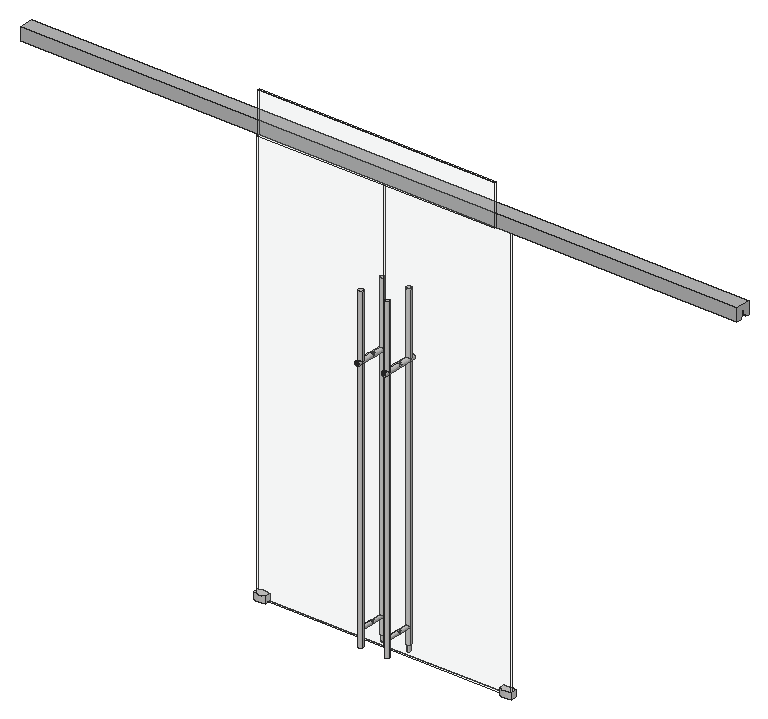
Revit family "Doors_Sliding_Avanti_Systems_Polaris-Auto-Magnetic-Slider_Pair-Glass-Mount-Dbl-Glazed", category Doors, Revit 2026
Family settings
  Classification Number = 23.30.10.00
  Always vertical = Yes
  Cut with Voids When Loaded = No
  Shared = No
  Room Calculation Point = No
Parameters (values of type "Load Family Type Catalog")
  Youtube clip = ""
  Weight Net (Kg) = "0"
  Warranty = "1 year"  # constant formula
  Uniformat II Description = "Interior Doors"
  Uniformat II Code = "C1020"
  Uniclass 2015 Name = "Sliding door and partition sets"
  Uniclass 2015 Code = "Pr_30_59_24_80"
  Uniclass 2.0 Description = "Sliding Door And Partition Sets"
  Uniclass 2.0 Code = "PR-59-23-77"
  Uniclass 1.4 Description = "Doors"
  Uniclass 1.4 Code = "JL20"
  URL = "www.avantisystemsusa.com"
  UNSPSC Code = "30171501"
  Type = 1
  Transome Glass Width [instance] = 44.52984"
  Transome Glass Height [instance] = 7 13/16"
  Transom height [instance] = 8"
  Thickness = if(Type = 1, 1/2", if(Type = 2, 3/8", if(Type = 3, 7/16", if(Type = 4, 9/16", 3/4"))))  # 1/2"
  Technical description = ""
  Stainless Steel Finish = "Yes"  # constant formula
  Sound Rating = 0
  Region South America = "All"
  Region Oceania = "All"
  Region North America = "All"
  Region Middle East = "All"
  Region Europe = "All"
  Region Asia = "All"
  Region Antarctica = "All"
  Region Africa = "All"
  Rail material [instance] = Polyester powder - Avanti - White aluminium METALLIC - RAL9006
  Rail Length [instance] = 3 * (Opening Width)  # 134.71452"
  QR code = "http://bimobject.com/avantisystems/product/avanti-polaris-auto-magnetic-slider"
  Product url = "https://www.avantisystemsusa.com/glass-products/doors/sliding-doors/automatic-doors/"
  Product group = "Automatic Doors"
  Product family = "Sliding Doors"
  Product data url = "https://bimobject.com/avantisystems/product/avanti-polaris-auto-magnetic-slider"
  Product certification = ""
  Product SKU = "avanti-polaris-auto-magnetic-slider"
  Product Guid = "5e847812-9909-4e74-9d64-870bde1c5a5f"
  Power = 110 V  # constant formula
  Opening Width [instance] = 44.90484"
  OmniClass Description = "Sliding All Glass Doors"
  OmniClass Code = "23-17 11 23 13"
  Nominal width = 0"
  Nominal height = 0"
  NBS Reference Description = "Sliding Door And Partition Sets"
  NBS Reference Code = "59-23-77"
  Model = "Polaris™  Auto Magnetic Slider"  # constant formula
  Material secondary = "Aluminium"
  Material main = "Glass"
  Masterformat 2014 Description = "Sliding Aluminum-Framed Glass Doors"
  Masterformat 2014 Code = "08 32 13"
  Manufacturer name = "Avanti Systems"
  Manufacturer country = ""
  Manufacturer = "Avanti Systems USA"  # constant formula
  Lock = "Thumb turn floor lock with a key"
  Ladder Pull Height [instance] = 18"
  LEED compatibility = "LEED 2009 (v3): MRc3, MRc4, MRc5, MRc7, EQc4.2, EQc8.1 and EQc8.2. LEED v4: MRc1, MRc3, MRc4, MRc8, EQc2, EQc7 and EQc8."  # constant formula
  Installation instructions = ""
  IFC Classification = "Door"
  Hardware material [instance] = Stainless Steel - Avanti- Brushed Finish
  Handle type [instance] = Handle : 60" Ladder Pull
  Half_width [instance] = (Opening Width / 2) + 1 1/2"  # 23.95242"
  Glazing = "Safety Glazing SGCC"
  Glass Width [instance] = 47.90484"
  Glass Material = Glass - Avanti -  Clear Tempered
  Glass Marker = yes
  Glass Height [instance] = 80.45245"
  Gap Thickness = if(Type = 1, (1 1/4"), if(Type = 2, (1 39/128"), if(Type = 3, (1 35/128" + 5" / 256), if(Type = 4, (1 27/128"), (1 15/128")))))  # 1 1/4"
  Function = Interior
  Edition number = 1
  EAN code = ""
  Design country = "United States"
  Description = "The newset innovation in modern interior office entryway design."  # constant formula
  Date of publishing = ""
  Clear Anodic Finish = "ASTM B221 (ASTM B221M)"  # constant formula
  COBIe Type Category = ""
  Brand url = "http://www.avantisystemsusa.com/"
  BIMobject main category code = "doors"
  BIMobject main category = "Doors"
  BIMobject category code = "doors-sliding"
  BIMobject category = "Sliding"
  Analytic Construction = "<None>"
Reference planes (in)
  plane 1 "Center (Front/Back)": y = 0
  plane 2: z = 0
  plane 3 "Center (Left/Right)": x = 10.62619
  plane 4: x = -11.82623
  plane 5: x = 33.07861
  plane 6 "Top": z = 87.24607
  plane 7 "Curtain_wall_center": y = 1.4375
  plane 8 "Curtain_wall_exterior": y = 1.6875
  plane 9 "Curtain_wall_interior": y = 1.1875
  plane 10 "Top_panel_height": z = 79.24607
  plane 11 "Doors_exterior": y = 3.4375
  plane 12 "Doors_center": y = 3.1875
  plane 13 "Doors_interior": y = 2.9375
  plane 14 "Door_offset_left": x = -13.32623
  plane 15 "Door_offset_top": z = 80.60436
  plane 16 "Handle_placement_top": z = 18
  plane 17 "Handle_placement_level": x = 8.12619
  plane 18: x = -11.3434
  plane 19: z = 0.15191
  plane 20: x = 34.57861
  plane 21: x = 13.12619
  plane 22: x = 32.59578
  plane 23: x = 6.72127
  plane 24: x = 77.98345
  plane 25: x = -56.73107
  plane 26: x = 32.89111
  plane 27: x = -11.63873
  plane 28: z = 87.05857
  plane 29: x = 22.6024
  plane 30: x = -1.35002
  plane 31: z = 40.30218
Forms (in)
  Extrusion 1, solid, material "Stainless Steel - Avanti- Brushed Finish" <- "Hardware material"
    sketch origin (0, 0, 0) x (1, 0, 0) y (0, 1, 0)
      loop
        arc (-13.58926, 2.67156) -> (-12.46633, 2.46923) -> (-11.3434, 2.67156) r 3.2173
        line (-11.3434, 2.67156) -> (-11.3434, 3.70344)
        arc (-11.3434, 3.70344) -> (-12.46633, 3.86477) -> (-13.58926, 3.70344) r 3.98879
        line (-13.58926, 3.70344) -> (-13.58926, 2.67156)
    from 0 to 1.21575
  Extrusion 2, void
    sketch origin (10.62619, 0, 0) x (0, 1, 0) y (0, 0, 1)
      loop
        line (3.4375, 1.21575) -> (2.9375, 1.21575) -> (2.9375, 0.15191) -> (3.4375, 0.15191) -> (3.4375, 1.21575)
    from -20.26303 to 20.26303
  Extrusion 3, solid, material "Stainless Steel - Avanti- Brushed Finish" <- "Hardware material"
    sketch origin (6.49788, 0, 0) x (-1, 0, 0) y (0, -1, 0)
      loop
        line (-28.34376, -2.67156) -> (-28.34376, -3.70344)
        arc (-28.34376, -3.70344) -> (-27.22083, -3.86477) -> (-26.0979, -3.70344) r 3.98879
        line (-26.0979, -3.70344) -> (-26.0979, -2.67156)
        arc (-26.0979, -2.67156) -> (-27.22083, -2.46923) -> (-28.34376, -2.67156) r 3.2173
    from 0 to 1.21575
  Extrusion 4, solid, material "Glass - Avanti -  Clear Tempered" <- "Glass Material"
    sketch origin (0, 0, 0) x (1, 0, 0) y (0, 0, 1)
      loop
        line (34.57861, 80.60436) -> (10.62619, 80.60436) -> (10.62619, 0.15191) -> (34.57861, 0.15191) -> (34.57861, 80.60436)
    from -3.4375 to -2.9375
  Extrusion 5, solid, material "Glass - Avanti -  Clear Tempered" <- "Glass Material"
    sketch origin (0, 0, 0) x (1, 0, 0) y (0, 0, 1)
      loop
        line (10.62619, 80.60436) -> (-13.32623, 80.60436) -> (-13.32623, 0.15191) -> (10.62619, 0.15191) -> (10.62619, 80.60436)
    from -3.4375 to -2.9375
  Sweep 6, solid, material "Polyester powder - Avanti - White aluminium METALLIC - RAL9006" <- "Rail material"
    path origin (0, 0, 0) x (1, 0, 0) y (0, 0, 1)
      loop
        line (77.98345, 80.60436) -> (-56.73107, 80.60436)
    profile origin (10.62619, 0, 80.60436) x (0, 0, -1) y (0, -1, 0)
      loop
        line (1.35828, -4.44977) -> (1.35828, -3.85922) -> (0.96064, -3.85922) -> (0.96064, -3.4375) -> (0, -3.4375) -> (0, -2.9375) -> (1.00001, -2.9375) -> (1.00001, -2.65601) -> (1.35828, -2.65601) -> (1.35828, -1.6875) -> (-1.00393, -1.6875) -> (-1.00393, -4.44977) -> (1.35828, -4.44977)
  Extrusion 7, solid, material "Glass - Avanti -  Clear Tempered" <- "Glass Material"
    sketch origin (0, 0, 0) x (1, 0, 0) y (0, 1, 0)
      loop
        line (-11.63873, 1.6875) -> (-11.63873, 1.1875) -> (32.89111, 1.1875) -> (32.89111, 1.6875) -> (-11.63873, 1.6875)
    from 79.24607 to 87.05857
Cuts and joins
  Extrusion 2 cuts Extrusion 1
  Extrusion 2 cuts Extrusion 3
Lines and regions (in)
  symbolic lines, style "0"
    curve 1: line (-13.58926, 2.6577, 0) -> (-13.58926, 3.72828, 0)
    curve 2: line (-11.3434, 2.67802, 0) -> (-11.3434, 3.72828, 0)
    curve 3: circle (-13.32623, 3.21094, 0) r 0.22256 normal (0, 0, 1)
    curve 4: circle (-13.32623, 3.21094, 0) r 0.13151 normal (0, 0, 1)
    curve 5: circle (-11.60642, 3.21094, 0) r 0.22256 normal (0, 0, 1)
    curve 6: circle (-11.60642, 3.21094, 0) r 0.13151 normal (0, 0, 1)
    curve 7: arc (-12.00141, 2.83663, 0) -> (-11.86945, 3.21094, 0) -> (-12.00141, 3.58525, 0) r 0.59687
    curve 8: arc (-12.93124, 3.58525, 0) -> (-13.0632, 3.21094, 0) -> (-12.93124, 2.83663, 0) r 0.59687
    curve 9: arc (-11.3434, 3.72828, 0) -> (-12.46633, 3.91727, 0) -> (-13.58926, 3.72828, 0) r 3.43052
    curve 10: line (-11.3434, 3.58525, 0) -> (-13.58926, 3.58525, 0)
    curve 11: line (-11.3434, 2.83663, 0) -> (-13.58926, 2.83663, 0)
    curve 23: arc (-11.3434, 2.67802, 0) -> (-12.46449, 2.46552, 0) -> (-13.58926, 2.6577, 0) r 3.2173
    curve 37: line (-11.3434, 2.9375, 0) -> (32.59578, 2.9375, 0)
    curve 38: line (32.59578, 2.9375, 0) -> (32.59578, 3.4375, 0)
    curve 39: line (-11.3434, 3.4375, 0) -> (32.59578, 3.4375, 0)
    curve 40: line (10.62619, 1.6875, 87.05857) -> (10.62619, 1.1875, 87.05857)
    curve 41: line (10.62619, 1.6875, 79.24607) -> (10.62619, 1.6875, 87.05857)
    curve 42: line (10.62619, 1.1875, 79.24607) -> (10.62619, 1.6875, 79.24607)
    curve 43: line (10.62619, 1.1875, 87.05857) -> (10.62619, 1.1875, 79.24607)
    curve 44: line (10.62619, 3.4375, 80.60436) -> (10.62619, 2.9375, 80.60436)
    curve 45: line (10.62619, 3.4375, 0.15191) -> (10.62619, 3.4375, 80.60436)
    curve 46: line (10.62619, 2.9375, 0.15191) -> (10.62619, 3.4375, 0.15191)
    curve 47: line (10.62619, 2.9375, 80.60436) -> (10.62619, 2.9375, 0.15191)
    curve 48: line (34.84164, 2.63426, 0) -> (34.84164, 3.70484, 0)
    curve 49: line (32.59578, 2.65458, 0) -> (32.59578, 3.70484, 0)
    curve 50: circle (34.57861, 3.1875, 0) r 0.22256 normal (0, 0, -1)
    curve 51: circle (34.57861, 3.1875, 0) r 0.13151 normal (0, 0, -1)
    curve 52: circle (32.85881, 3.1875, 0) r 0.22256 normal (0, 0, -1)
    curve 53: circle (32.85881, 3.1875, 0) r 0.13151 normal (0, 0, -1)
    curve 54: arc (33.25379, 2.81319, 0) -> (33.12184, 3.1875, 0) -> (33.25379, 3.56181, 0) r 0.59687
    curve 55: arc (34.18363, 3.56181, 0) -> (34.31558, 3.1875, 0) -> (34.18363, 2.81319, 0) r 0.59687
    curve 56: arc (32.59578, 3.70484, 0) -> (33.71871, 3.89383, 0) -> (34.84164, 3.70484, 0) r 3.43052
    curve 57: line (32.59578, 3.56181, 0) -> (34.84164, 3.56181, 0)
    curve 58: line (32.59578, 2.81319, 0) -> (34.84164, 2.81319, 0)
    curve 59: arc (32.59578, 2.65458, 0) -> (33.71688, 2.44208, 0) -> (34.84164, 2.63426, 0) r 3.2173
    curve 66: line (10.62619, 3.4375, 0) -> (10.62619, 2.9375, 0)
  symbolic lines, style "0", not visible
    curve 12: line (-11.39483, 5.72823, 0) -> (-11.39483, 4.65764, 0)
    curve 13: line (-13.64069, 5.7079, 0) -> (-13.64069, 4.65764, 0)
    curve 14: circle (-11.65786, 5.17499, 0) r 0.22256 normal (0, 0, 1)
    curve 15: circle (-11.65786, 5.17499, 0) r 0.13151 normal (0, 0, 1)
    curve 16: circle (-13.37767, 5.17499, 0) r 0.22256 normal (0, 0, 1)
    curve 17: circle (-13.37767, 5.17499, 0) r 0.13151 normal (0, 0, 1)
    curve 18: arc (-12.98268, 5.5493, 0) -> (-13.11464, 5.17499, 0) -> (-12.98268, 4.80068, 0) r 0.59687
    curve 19: arc (-12.05285, 4.80068, 0) -> (-11.92089, 5.17499, 0) -> (-12.05285, 5.5493, 0) r 0.59687
    curve 20: arc (-13.64069, 4.65764, 0) -> (-12.51776, 4.46865, 0) -> (-11.39483, 4.65764, 0) r 3.43052
    curve 21: line (-13.64069, 4.80068, 0) -> (-11.39483, 4.80068, 0)
    curve 22: line (-13.64069, 5.5493, 0) -> (-11.39483, 5.5493, 0)
    curve 24: arc (-13.64069, 5.7079, 0) -> (-12.51959, 5.9204, 0) -> (-11.39483, 5.72823, 0) r 3.2173
    curve 93: line (6.72127, 5.29609, 65.8125) -> (6.72127, 6.08546, 65.8125)
    curve 94: line (6.72127, 6.08546, 65.8125) -> (6.72127, 6.08546, 17.8125)
    curve 95: line (6.72127, 6.08546, 17.8125) -> (6.72127, 5.29945, 17.8125)
    curve 96: line (6.72127, 5.29945, 22.4226) -> (6.72127, 5.29945, 17.8125)
    curve 97: line (6.72127, 5.29609, 65.8125) -> (6.72127, 5.29609, 61.1872)
    curve 98: line (6.72127, 5.29609, 61.1872) -> (6.72127, 3.41797, 61.1872)
    curve 99: line (6.72127, 5.29609, 23.04236) -> (6.72127, 5.29609, 60.5619)
    curve 100: line (6.72127, 5.29609, 60.5619) -> (6.72127, 3.41797, 60.5619)
    curve 101: line (6.72127, 5.29609, 23.04236) -> (6.72127, 3.41797, 23.04236)
    curve 102: line (6.72127, 5.29945, 22.4226) -> (6.72127, 3.41797, 22.4226)
    curve 103: line (6.72127, 1.04399, 65.8125) -> (6.72127, 0.25048, 65.8125)
    curve 104: line (6.72127, 0.25048, 65.8125) -> (6.72127, 0.25048, 17.8125)
    curve 105: line (6.72127, 0.25048, 17.8125) -> (6.72127, 1.04063, 17.8125)
    curve 106: line (6.72127, 1.04399, 65.8125) -> (6.72127, 1.04399, 61.1872)
    curve 107: line (6.72127, 1.04399, 61.1872) -> (6.72127, 2.91797, 61.1872)
    curve 108: line (6.72127, 1.04399, 23.04236) -> (6.72127, 1.04399, 60.5619)
    curve 109: line (6.72127, 1.04399, 60.5619) -> (6.72127, 2.91797, 60.5619)
    curve 110: line (6.72127, 1.04399, 23.04236) -> (6.72127, 2.91797, 23.04236)
    curve 111: line (6.72127, 1.04063, 22.4226) -> (6.72127, 2.91797, 22.4226)
    curve 112: line (6.72127, 1.04063, 22.4226) -> (6.72127, 1.04063, 17.8125)
  symbolic lines, style "0", detail levels medium+fine
    curve 25: circle (8.12319, 5.71141, 0) r 0.39445 normal (0, 0, 1)
    curve 26: line (7.81318, 5.46751, 0) -> (7.81318, 3.4375, 0)
    curve 27: line (8.4362, 5.47137, 0) -> (8.4362, 3.4375, 0)
    curve 28: circle (8.12319, 0.66359, 0) r 0.39445 normal (0, 0, -1)
    curve 29: line (7.81318, 0.90749, 0) -> (7.81318, 2.9375, 0)
    curve 30: line (8.4362, 0.90363, 0) -> (8.4362, 2.9375, 0)
    curve 60: circle (8.12619, 5.71141, 0) r 0.39445 normal (0, 0, -1)
    curve 61: line (8.4362, 5.46751, 0) -> (8.4362, 3.4375, 0)
    curve 62: line (7.81318, 5.47137, 0) -> (7.81318, 3.4375, 0)
    curve 63: circle (8.12619, 0.66359, 0) r 0.39445 normal (0, 0, 1)
    curve 64: line (8.4362, 0.90749, 0) -> (8.4362, 2.9375, 0)
    curve 65: line (7.81318, 0.90363, 0) -> (7.81318, 2.9375, 0)
    curve 67: circle (13.12319, 5.71141, 0) r 0.39445 normal (0, 0, 1)
    curve 68: line (12.81318, 5.46751, 0) -> (12.81318, 3.4375, 0)
    curve 69: line (13.4362, 5.47137, 0) -> (13.4362, 3.4375, 0)
    curve 70: circle (13.12319, 0.66359, 0) r 0.39445 normal (0, 0, -1)
    curve 71: line (12.81318, 0.90749, 0) -> (12.81318, 2.9375, 0)
    curve 72: line (13.4362, 0.90363, 0) -> (13.4362, 2.9375, 0)
  symbolic lines, style "0", not visible, detail levels medium+fine
    curve 31: circle (20.74894, 4.89891, 0) r 0.39445 normal (0, 0, 1)
    curve 32: line (20.43894, 4.65501, 0) -> (20.43894, 2.625, 0)
    curve 33: line (21.06195, 4.65887, 0) -> (21.06195, 2.625, 0)
    curve 34: circle (20.74894, -0.14891, 0) r 0.39445 normal (0, 0, -1)
    curve 35: line (20.43894, 0.09499, 0) -> (20.43894, 2.125, 0)
    curve 36: line (21.06195, 0.09113, 0) -> (21.06195, 2.125, 0)
  symbolic lines, visible <- "Glass Marker"
    curve 73: line (19.77398, -0.24998, 37.47375) -> (25.43083, -0.24998, 43.13061)
    curve 74: line (22.6024, -0.24998, 38.45422) -> (24.45036, -0.24998, 40.30218)
    curve 75: line (20.75445, -0.24998, 40.30218) -> (22.6024, -0.24998, 42.15014)
    curve 83: line (-4.17844, -0.24998, 37.47375) -> (1.47841, -0.24998, 43.13061)
    curve 84: line (-1.35002, -0.24998, 38.45422) -> (0.49794, -0.24998, 40.30218)
    curve 85: line (-3.19797, -0.24998, 40.30218) -> (-1.35002, -0.24998, 42.15014)
  symbolic lines, not visible
    curve 76: line (20.75445, 0.25002, 40.30218) -> (24.45036, 0.25002, 40.30218)
    curve 81: line (-1.84534, 0.25002, 22.66367) -> (1.85057, 0.25002, 22.66367)
    curve 86: line (-3.19797, 0.25002, 40.30218) -> (0.49794, 0.25002, 40.30218)
    curve 91: line (-1.84534, 0.25002, 22.66367) -> (1.85057, 0.25002, 22.66367)
    curve 113: line (6.72127, 3.41797, 61.1872) -> (6.72127, 3.41797, 60.5619)
    curve 114: line (6.72127, 5.71046, 65.8125) -> (6.72127, 4.92109, 65.8125)
    curve 115: line (6.72127, 5.71046, 17.8125) -> (6.72127, 5.71046, 65.8125)
    curve 116: line (6.72127, 4.92157, 17.8125) -> (6.72127, 5.71046, 17.8125)
    curve 117: line (6.72127, 4.92109, 65.8125) -> (6.72127, 4.92109, 61.18529)
    curve 118: line (6.72127, 4.92109, 61.18529) -> (6.72127, 3.04297, 61.18529)
    curve 119: line (6.72127, 4.92123, 60.56099) -> (6.72127, 3.04297, 60.56099)
    curve 120: line (6.72127, 4.92123, 60.56099) -> (6.72127, 4.92123, 23.04228)
    curve 121: line (6.72127, 4.92123, 23.04228) -> (6.72127, 3.04297, 23.04228)
    curve 122: line (6.72127, 3.04297, 22.41638) -> (6.72127, 4.92157, 22.41638)
    curve 123: line (6.72127, 4.92157, 22.41638) -> (6.72127, 4.92157, 17.8125)
    curve 124: line (-13.45774, 3.21094, 0) -> (-13.19471, 3.21094, 0)
    curve 125: line (-11.52635, 5.17499, 0) -> (-11.78938, 5.17499, 0)
    curve 126: line (34.71013, 3.1875, 0) -> (34.4471, 3.1875, 0)
    curve 127: line (8.12319, 4.1875, 0) -> (8.12319, 4.77124, 0)
    curve 128: line (8.12619, 4.1875, 0) -> (8.12619, 4.77124, 0)
    curve 129: line (20.75195, 3.375, 0) -> (20.75195, 3.95874, 0)
    curve 130: line (13.12619, 4.1875, 0) -> (13.12619, 4.77124, 0)
    curve 131: line (8.12319, 2.34101, 0) -> (8.12319, 1.84101, 0)
    curve 132: line (8.12619, 2.34101, 0) -> (8.12619, 1.84101, 0)
    curve 133: line (20.75195, 1.52851, 0) -> (20.75195, 1.02851, 0)
    curve 134: line (13.12619, 2.34101, 0) -> (13.12619, 1.84101, 0)
  model lines, not visible
    curve 77: line (22.6024, 0.25002, 38.45422) -> (22.6024, 0.25002, 42.15014)
    curve 82: line (0.00262, 0.25002, 20.81572) -> (0.00262, 0.25002, 24.51163)
    curve 87: line (-1.35002, 0.25002, 38.45422) -> (-1.35002, 0.25002, 42.15014)
    curve 92: line (0.00262, 0.25002, 20.81572) -> (0.00262, 0.25002, 24.51163)
  symbolic lines, visible <- "Glass Marker", not visible
    curve 78: line (-2.82581, -0.24998, 19.83525) -> (2.83104, -0.24998, 25.4921)
    curve 79: line (0.00262, -0.24998, 20.81572) -> (1.85057, -0.24998, 22.66367)
    curve 80: line (-1.84534, -0.24998, 22.66367) -> (0.00262, -0.24998, 24.51163)
    curve 88: line (-2.82581, -0.24998, 19.83525) -> (2.83104, -0.24998, 25.4921)
    curve 89: line (0.00262, -0.24998, 20.81572) -> (1.85057, -0.24998, 22.66367)
    curve 90: line (-1.84534, -0.24998, 22.66367) -> (0.00262, -0.24998, 24.51163)
Text (in)
  text "Exterior" at (-45.72835, 31.38743, 0), in view "Ref. Level"
Dimensions and locks (in)
  equal spacing: plane 4, plane 3 "Center (Left/Right)", plane 5
  equal spacing: plane 8 "Curtain_wall_exterior", plane 7 "Curtain_wall_center", plane 9 "Curtain_wall_interior"
  equal spacing: plane 11 "Doors_exterior", plane 12 "Doors_center", plane 13 "Doors_interior"
  "Gap Thickness": plane 13 "Doors_interior" to plane 8 "Curtain_wall_exterior"
  "Thickness": plane 11 "Doors_exterior" to plane 13 "Doors_interior"
  "Thickness": plane 8 "Curtain_wall_exterior" to plane 9 "Curtain_wall_interior"
  "Ladder Pull Height": plane 2 to plane 16 "Handle_placement_top"
  locked: plane 4 to plane 18 at 0.48283
  locked: plane 17 "Handle_placement_level" to plane 3 "Center (Left/Right)" at 2.5
  locked: plane 21 to plane 3 "Center (Left/Right)" at 2.5
  plane 17 "Handle_placement_level" to plane 3 "Center (Left/Right)" to plane 21 = 2 1/2", 2 1/2"
  locked: plane 5 to plane 20 at 1.5
  locked: plane 14 "Door_offset_left" to plane 4 at 1.5
  "Opening Width": plane 4 to plane 5
  locked: plane 22 to plane 5 at 0.48283
  locked: plane 10 "Top_panel_height" to plane 15 "Door_offset_top" at 1.35828
  equal spacing: plane 25, plane 3 "Center (Left/Right)", plane 24
  "Rail Length": plane 25 to plane 24
  "Transom height": plane 10 "Top_panel_height" to plane 6 "Top"
  locked: plane 27 to plane 4 at 0.1875
  locked: plane 26 to plane 5 at 0.1875
  locked: plane 28 to plane 6 "Top" at 0.1875
  equal spacing: plane 20, plane 29, plane 3 "Center (Left/Right)"
  equal spacing: plane 3 "Center (Left/Right)", plane 30, plane 14 "Door_offset_left"
  equal spacing: plane 2, plane 31, plane 15 "Door_offset_top"
  Extrusion 5 to Extrusion 5 = 1/2"
  locked: nested 4 to curve 76 at 7
  locked: curve 76 to nested 5 at 7
  "Transome Glass Width": plane 27 to plane 26
  "Transome Glass Height": plane 10 "Top_panel_height" to plane 28
  locked: plane 2 to plane 19 at 0.15191
  "Glass Height": plane 19 to plane 15 "Door_offset_top"
  "Glass Width": plane 20 to plane 14 "Door_offset_left"
  plane 8 "Curtain_wall_exterior" to plane 9 "Curtain_wall_interior" = 1/2"
  locked: plane 1 "Center (Front/Back)" to plane 7 "Curtain_wall_center" at 1.4375
  locked: plane 11 "Doors_exterior" to nested 2 at 3
  locked: nested 3 to plane 11 "Doors_exterior" at 3
  aligned and locked: level to plane 2
  aligned and locked: curve 2 to plane 18
  aligned and locked: plane 11 "Doors_exterior" to curve 27
  aligned and locked: plane 11 "Doors_exterior" to curve 26
  aligned and locked: plane 13 "Doors_interior" to curve 30
  aligned and locked: plane 13 "Doors_interior" to curve 29
  aligned and locked: plane 11 "Doors_exterior" to Extrusion 2 sketch curve
  aligned and locked: Extrusion 2 sketch curve to plane 13 "Doors_interior"
  aligned and locked: Extrusion 1 to Extrusion 2 sketch curve
  aligned and locked: curve 46 to cut or joined group of Extrusion 1, Extrusion 2
  aligned and locked: curve 47 to cut or joined group of Extrusion 1, Extrusion 2
  aligned and locked: cut or joined group of Extrusion 1, Extrusion 2 to plane 2
  aligned and locked: Extrusion 3 to plane 22
  aligned and locked: Extrusion 4 sketch curve to plane 20
  aligned and locked: Extrusion 4 sketch curve to plane 15 "Door_offset_top"
  aligned and locked: Extrusion 4 sketch curve to plane 3 "Center (Left/Right)"
  aligned and locked: Extrusion 5 sketch curve to plane 15 "Door_offset_top"
  aligned and locked: Extrusion 5 sketch curve to plane 14 "Door_offset_left"
  aligned and locked: plane 22 to curve 49
  aligned and locked: plane 22 to curve 38
  aligned and locked: plane 11 "Doors_exterior" to curve 62
  aligned and locked: plane 13 "Doors_interior" to curve 65
  aligned and locked: plane 10 "Top_panel_height" to nested 1
  aligned and locked: Sweep 6 sketch curve to plane 15 "Door_offset_top"
  aligned and locked: plane 24 to Sweep 6 sketch curve
  aligned and locked: plane 25 to Sweep 6 sketch curve
  aligned and locked: curve 62 to curve 26
  aligned and locked: curve 65 to curve 29
  aligned and locked: Extrusion 7 sketch curve to plane 8 "Curtain_wall_exterior"
  aligned and locked: plane 9 "Curtain_wall_interior" to Extrusion 7 sketch curve
  aligned and locked: plane 11 "Doors_exterior" to curve 68
  aligned and locked: plane 13 "Doors_interior" to curve 71
  aligned and locked: Extrusion 5 to cut or joined group of Extrusion 1, Extrusion 2
  aligned and locked: Extrusion 4 to Extrusion 5
  aligned and locked: Extrusion 7 to plane 27
  aligned and locked: Extrusion 7 to plane 26
  aligned and locked: Extrusion 7 to plane 28
  aligned and locked: Extrusion 7 to plane 10 "Top_panel_height"
  aligned and locked: plane 31 to curve 76
  aligned and locked: curve 77 to plane 29
  aligned and locked: plane 31 to curve 86
  aligned and locked: curve 87 to plane 30
  aligned and locked: Sweep 6 to plane 8 "Curtain_wall_exterior"
  aligned and locked: Sweep 6 sketch curve to plane 11 "Doors_exterior"
  aligned and locked: Sweep 6 sketch curve to plane 13 "Doors_interior"
  aligned and locked: Extrusion 5 to plane 13 "Doors_interior"
  aligned and locked: plane 11 "Doors_exterior" to Extrusion 5
  aligned and locked: plane 11 "Doors_exterior" to Extrusion 4
  aligned and locked: Sweep 6 sketch curve to nested 1  (x2)
  aligned and locked: plane 12 "Doors_center" to nested 1
  aligned and locked: nested 4 to plane 29
  aligned and locked: nested 5 to plane 30
  aligned and locked: plane 19 to Extrusion 5
  aligned and locked: Extrusion 4 to plane 13 "Doors_interior"
  aligned and locked: plane 28 to curve 43
  aligned and locked: plane 3 "Center (Left/Right)" to Extrusion 5
  aligned and locked: plane 12 "Doors_center" to curve 126
  aligned and locked: plane 21 to nested 6
  aligned and locked: nested 7 to plane 17 "Handle_placement_level"
  aligned and locked: plane 2 to nested 6
  aligned and locked: plane 2 to nested 7
  aligned and locked: nested 7 to plane 11 "Doors_exterior"
  aligned and locked: nested 6 to plane 11 "Doors_exterior"
  aligned and locked: curve 128 to plane 17 "Handle_placement_level"
  aligned and locked: plane 17 "Handle_placement_level" to curve 132
  aligned and locked: plane 21 to curve 130
  aligned and locked: curve 134 to plane 21
  aligned and locked: curve 39 to plane 11 "Doors_exterior"
  aligned and locked: plane 30 to nested 2
  aligned and locked: plane 29 to nested 3
Automatic sketch dimensions
  Extrusion 1 sketch curve to plane 18 = 0"
  plane 4 to Extrusion 1 sketch curve = 0.6401"  (x2)
  plane 1 "Center (Front/Back)" to Extrusion 1 sketch curve = 0.12403"
  plane 14 "Door_offset_left" to Extrusion 1 sketch curve = 0.26303"
  Extrusion 1 sketch curve to plane 13 "Doors_interior" = 0.26594"
  plane 11 "Doors_exterior" to Extrusion 1 sketch curve = 0.26594"
  plane 11 "Doors_exterior" to Extrusion 1 sketch curve = 2.24903"
  level to Extrusion 2 sketch curve = 0.15191"
  Extrusion 3 sketch curve to plane 22 = 0"
  plane 5 to Extrusion 3 sketch curve = 0.6401"  (x2)
  Extrusion 3 sketch curve to plane 1 "Center (Front/Back)" = 0.12403"
  Extrusion 3 sketch curve to plane 20 = 0.26303"
  plane 13 "Doors_interior" to Extrusion 3 sketch curve = 0.26594"
  Extrusion 3 sketch curve to plane 11 "Doors_exterior" = 0.26594"
  Extrusion 3 sketch curve to plane 11 "Doors_exterior" = 2.24903"
  Extrusion 5 sketch curve to plane 3 "Center (Left/Right)" = 0"
  profile plane to Sweep 6 sketch curve = 1 1/256"
  Sweep 6 sketch curve to plane 1 "Center (Front/Back)" = 1 11/16"
  Sweep 6 sketch curve to profile plane = 1.35828"
  Sweep 6 sketch curve to Sweep 6 sketch curve = 0.39764"
  Sweep 6 sketch curve to Sweep 6 sketch curve = 0.03937"
  Sweep 6 sketch curve to Sweep 6 sketch curve = 0.35827"
  Sweep 6 sketch curve to Sweep 6 sketch curve = 0.28149"
  Sweep 6 sketch curve to profile plane = 0"
  curve 37 to plane 13 "Doors_interior" = 0"
  curve 37 to plane 18 = 0"
  curve 39 to plane 18 = 0"
  curve 66 to plane 3 "Center (Left/Right)" = 0"
  level to Extrusion 4 sketch curve = 0.15191"
  level to Extrusion 5 sketch curve = 0.15191"
  plane 5 to Extrusion 7 sketch curve = 3/16"
  Extrusion 7 sketch curve to plane 4 = 3/16"
  curve 97 to curve 99 = 0"
  curve 99 to curve 96 = 0.00336"
  curve 93 to curve 94 = 0.78937"
  curve 95 to curve 96 = 4.6101"
  curve 96 to curve 101 = 0.61976"
  curve 99 to curve 100 = 37 133/256"
  curve 99 to curve 98 = 0.6253"
  curve 97 to curve 94 = 4.6253"
  curve 113 to curve 99 = 1.87812"
  curve 101 to curve 99 = 1.87812"
  curve 102 to curve 101 = 0"
  curve 40 to plane 8 "Curtain_wall_exterior" = 0"
  curve 47 to plane 13 "Doors_interior" = 0"
  curve 46 to plane 11 "Doors_exterior" = 0"
  curve 43 to plane 9 "Curtain_wall_interior" = 0"
  curve 43 to plane 10 "Top_panel_height" = 0"
  curve 47 to plane 15 "Door_offset_top" = 0"
  curve 3 to curve 4 = 0"  (x4)
  curve 5 to curve 6 = 0"  (x4)
  curve 7 to curve 8 = 0"  (x4)
  curve 10 to curve 6 = 0.26303"
  curve 5 to curve 8 = 0.8599"
  curve 2 to curve 23 = 1.15021"
  curve 2 to curve 9 = 1.12293"
  curve 7 to curve 4 = 0.8599"
  curve 3 to curve 1 = 0.26303"
  curve 23 to curve 2 = 1.9544"
  curve 9 to curve 6 = 0.51734"
  curve 8 to curve 5 = 0"
  curve 1 to curve 4 = 0.51734"
  curve 5 to curve 2 = 0.53292"
  curve 23 to curve 9 = 2.17095"
  curve 5 to curve 7 = 0.39498"  (x2)
  curve 8 to curve 3 = 0.39498"
  curve 3 to curve 124 = 0.13151"
  curve 9 to curve 10 = 0.14303"
  curve 124 to curve 3 = 0"
  curve 14 to curve 15 = 0"  (x4)
  curve 16 to curve 17 = 0"  (x4)
  curve 18 to curve 19 = 0"  (x4)
  curve 21 to curve 17 = 0.26303"
  curve 16 to curve 19 = 0.8599"
  curve 13 to curve 24 = 1.15021"
  curve 13 to curve 20 = 1.12293"
  curve 18 to curve 15 = 0.8599"
  curve 14 to curve 12 = 0.26303"
  curve 24 to curve 13 = 1.9544"
  curve 20 to curve 17 = 0.51734"
  curve 19 to curve 16 = 0"
  curve 12 to curve 15 = 0.51734"
  curve 16 to curve 13 = 0.53292"
  curve 24 to curve 20 = 2.17095"
  curve 16 to curve 18 = 0.39498"  (x2)
  curve 19 to curve 14 = 0.39498"
  curve 14 to curve 125 = 0.13151"
  curve 20 to curve 21 = 0.14303"
  curve 125 to curve 14 = 0"
  curve 50 to curve 51 = 0"  (x4)
  curve 52 to curve 53 = 0"  (x4)
  curve 54 to curve 55 = 0"  (x4)
  curve 57 to curve 53 = 0.26303"
  curve 52 to curve 55 = 0.8599"
  curve 49 to curve 59 = 1.15021"
  curve 49 to curve 56 = 1.12293"
  curve 54 to curve 51 = 0.8599"
  curve 50 to curve 48 = 0.26303"
  curve 49 to curve 59 = 1.9544"
  curve 53 to curve 56 = 0.51734"
  curve 55 to curve 52 = 0"
  curve 51 to curve 48 = 0.51734"
  curve 49 to curve 52 = 0.53292"
  curve 56 to curve 59 = 2.17095"
  curve 52 to curve 54 = 0.39498"  (x2)
  curve 55 to curve 50 = 0.39498"
  curve 50 to curve 126 = 0.13151"
  curve 57 to curve 56 = 0.14303"
  curve 126 to curve 50 = 0"
  curve 61 to curve 60 = 0.31001"
  curve 61 to curve 127 = 0.31301"
  curve 61 to curve 62 = 0.62301"
  curve 60 to curve 62 = 0.24003"
  curve 61 to curve 127 = 0.69626"
  curve 127 to curve 127 = 0.58374"
  curve 127 to curve 62 = 3/4"
  curve 62 to curve 61 = 0"
  curve 26 to curve 25 = 0.31001"
  curve 26 to curve 128 = 0.31301"
  curve 26 to curve 27 = 0.62301"
  curve 27 to curve 25 = 0.24003"
  curve 128 to curve 26 = 0.69626"
  curve 128 to curve 128 = 0.58374"
  curve 27 to curve 128 = 3/4"
  curve 27 to curve 26 = 0"
  curve 32 to curve 31 = 0.31001"
  curve 32 to curve 129 = 0.31301"
  curve 32 to curve 33 = 0.62301"
  curve 33 to curve 31 = 0.24003"
  curve 129 to curve 32 = 0.69626"
  curve 129 to curve 129 = 0.58374"
  curve 33 to curve 129 = 3/4"
  curve 33 to curve 32 = 0"
  curve 68 to curve 67 = 0.31001"
  curve 68 to curve 130 = 0.31301"
  curve 68 to curve 69 = 0.62301"
  curve 69 to curve 67 = 0.24003"
  curve 130 to curve 68 = 0.69626"
  curve 130 to curve 130 = 0.58374"
  curve 69 to curve 130 = 3/4"
  curve 69 to curve 68 = 0"
  curve 64 to curve 63 = 0.31001"
  curve 64 to curve 131 = 0.31301"
  curve 64 to curve 65 = 0.62301"
  curve 65 to curve 63 = 0.24003"
  curve 131 to curve 64 = 0.93352"
  curve 131 to curve 131 = 1/2"
  curve 64 to curve 131 = 0.59649"
  curve 65 to curve 64 = 0"
  curve 29 to curve 28 = 0.31001"
  curve 29 to curve 132 = 0.31301"
  curve 29 to curve 30 = 0.62301"
  curve 28 to curve 30 = 0.24003"
  curve 29 to curve 132 = 0.93352"
  curve 132 to curve 132 = 1/2"
  curve 132 to curve 29 = 0.59649"
  curve 30 to curve 29 = 0"
  curve 35 to curve 34 = 0.31001"
  curve 35 to curve 133 = 0.31301"
  curve 35 to curve 36 = 0.62301"
  curve 34 to curve 36 = 0.24003"
  curve 35 to curve 133 = 0.93352"
  curve 133 to curve 133 = 1/2"
  curve 133 to curve 35 = 0.59649"
  curve 36 to curve 35 = 0"
  curve 71 to curve 70 = 0.31001"
  curve 71 to curve 134 = 0.31301"
  curve 71 to curve 72 = 0.62301"
  curve 70 to curve 72 = 0.24003"
  curve 71 to curve 134 = 0.93352"
  curve 134 to curve 134 = 1/2"
  curve 134 to curve 71 = 0.59649"
  curve 72 to curve 71 = 0"
  radius of curve 3 = 0.22256"
  radius of curve 5 = 0.22256"
  radius of curve 6 = 0.13151"
  radius of curve 14 = 0.22256"
  radius of curve 16 = 0.22256"
  radius of curve 17 = 0.13151"
  radius of curve 50 = 0.22256"
  radius of curve 52 = 0.22256"
  radius of curve 53 = 0.13151"
Nested families (in)
  nested 1: "Rail Detail" at (10.62619, 3.11364, 80.42718) x (0, 1, 0) z (1, 0, 0), type "Family9"
  nested 2: "Arrow" at (-1.35002, 6.4375, 0), type "arrow"
  nested 3: "Arrow" at (22.6024, 6.4375, 0) x (-1, 0, 0) z (0, 0, 1), type "arrow"
  nested 4: "Arrow" at (22.6024, 0, 47.30218) x (-1, 0, 0) z (0, -1, 0), type "arrow"
  nested 5: "Arrow" at (-1.35002, 0, 47.30218) x (1, 0, 0) z (0, -1, 0), type "arrow"
  nested 6: "Handle" at (11.50119, 1.5625, 38) x (1, 0, 0) z (0, -1, 0), type <- "Handle type", type "60" Ladder Pull", detail levels medium+fine
    with Locker yes
  nested 7: "Handle" at (6.50119, 1.5625, 38) x (1, 0, 0) z (0, -1, 0), type <- "Handle type", type "60" Ladder Pull", detail levels medium+fine
    with Locker yes
Definition of nested family "Handle"
  Parameters (values of type "48" Ladder Pull")
    Width = 54.28299"
    Type = 3
    Ladder Pool Height = 18"
    Ladder 60" = if(Type = 5, 1 = 1, 1 = 0)  # no
    Ladder = if(Type = 3, 1 = 1, 1 = 0)  # yes
    Thickness = 1/2"
    Panic hardware = if(Type = 4, 1 = 1, 1 = 0)  # no
    Material = none
    Locker [instance] = yes
    Height = 90 9/16"
    Glass door = if(Type = 2, 1 = 1, 1 = 0)  # no
    Framed door = if(Type = 1, 1 = 1, 1 = 0)  # no
    Default Elevation = 48"
  Types (2): name | Type | Ladder 60" | Ladder
    60" Ladder Pull | 5 | yes | no
    48" Ladder Pull | 3 | no | yes
  Reference planes (in)
    plane 1 "Center (Front/Back)": y = 0
    plane 2: z = 0
    plane 3 "Center (Left/Right)": x = 0
    plane 4 "door_up": z = -1.375
    plane 5 "door_down": z = -1.875
    plane 6: z = -3.25
    plane 7: x = -1.25
    plane 8: x = -43.31449
    plane 9: x = -46.03299
    plane 10: x = -43.31449
    plane 11: y = 51.9375
    plane 12: y = 0.625
    plane 13: y = 11.125
    plane 14: y = 52.5625
    plane 15: y = -38
    plane 16: x = -50.15799
    plane 17 "door": x = 4.125
    plane 18: x = 1.625
    plane 19: y = -20
  Forms (in)
    Sweep 1, solid, material <- "Material", visible <- "Panic hardware"
      path origin (0, 0, 0) x (1, 0, 0) y (0, 1, 0)
        loop
          line (-1.25, 51.9375) -> (-1.25, 4.25)
          arc (-1.25, 4.25) -> (-2.12868, 2.12868) -> (-4.25, 1.25) r 3
          line (-4.25, 1.25) -> (-43.31449, 1.25)
      profile origin (-1.25, 28.09375, 0) x (1, 0, 0) y (0, 0, 1)
        loop
          circle (0.625, 0.625) r 0.625
    Sweep 2, solid, material <- "Material", visible <- "Panic hardware"
      path origin (0, 0, 0) x (1, 0, 0) y (0, 0, 1)
        loop
          line (-43.31449, 0) -> (-44.06449, 0)
          arc (-44.06449, 0) -> (-44.57255, -0.21044) -> (-44.78299, -0.7185) r 0.7185
          line (-44.78299, -0.7185) -> (-44.78299, -1.375)
      profile origin (-43.68949, 0, 0) x (0, 0, -1) y (0, -1, 0)
        loop
          circle (-0.625, -0.625) r 0.625
    Sweep 3, solid, material <- "Material", visible <- "Panic hardware"
      path origin (0, 0, -6.75) x (1, 0, 0) y (0, 0, -1)
        loop
          line (-43.31449, -3.5) -> (-44.06449, -3.5)
          arc (-44.06449, -3.5) -> (-44.57255, -3.71044) -> (-44.78299, -4.2185) r 0.7185
          line (-44.78299, -4.2185) -> (-44.78299, -4.875)
      profile origin (-43.68949, 0, -3.25) x (0, 0, -1) y (0, -1, 0)
        loop
          circle (0.625, -0.625) r 0.625
    Sweep 4, solid, material <- "Material", visible <- "Panic hardware"
      path origin (-30, 0, -6.75) x (-1, 0, 0) y (0, 0, -1)
        loop
          line (13.31449, -3.5) -> (-28.0315, -3.5)
          arc (-28.0315, -3.5) -> (-28.53956, -3.71044) -> (-28.75, -4.2185) r 0.7185
          line (-28.75, -4.2185) -> (-28.75, -4.875)
      profile origin (-22.6415, 0, -3.25) x (0, 0, 1) y (0, -1, 0)
        loop
          circle (-0.625, -0.625) r 0.625
  Cuts and joins
    joined: Sweep 1, Sweep 2
    joined: Sweep 3, Sweep 4
  Dimensions and locks (in)
    "Thickness": plane 5 "door_down" to plane 4 "door_up"
    locked: plane 3 "Center (Left/Right)" to plane 7 at 1.25
    locked: plane 9 to plane 8 at 2.7185
    locked: plane 9 to Sweep 3 sketch curve at 1.25
    locked: Sweep 2 sketch curve to plane 9 at 1.25
    locked: plane 10 to plane 9 at 2.7185
    locked: Sweep 1 sketch curve to plane 1 "Center (Front/Back)" at 1.25
    locked: plane 3 "Center (Left/Right)" to nested 1 at 0.125
    locked: plane 4 "door_up" to plane 2 at 1.375
    locked: plane 6 to plane 5 "door_down" at 1.375
    locked: plane 12 to plane 1 "Center (Front/Back)" at 0.625
    locked: plane 13 to plane 12 at 10.5
    locked: plane 14 to plane 11 at 0.625
    "Height": plane 14 to plane 15
    locked: plane 1 "Center (Front/Back)" to plane 15 at 38
    locked: plane 3 "Center (Left/Right)" to plane 17 "door" at 4.125
    "Width": plane 16 to plane 17 "door"
    locked: plane 16 to plane 10 at 6.8435
    locked: plane 18 to plane 17 "door" at 2.5
    "Ladder Pool Height": plane 19 to plane 15
    aligned and locked: level to plane 2
    aligned and locked: plane 4 "door_up" to cut or joined group of Sweep 1, Sweep 2
    aligned and locked: Sweep 2 sketch curve to plane 4 "door_up"
    aligned and locked: Sweep 3 sketch curve to plane 5 "door_down"
    aligned and locked: plane 6 to Sweep 3 sketch curve
    aligned and locked: plane 7 to Sweep 4 sketch curve
    aligned and locked: Sweep 4 sketch curve to plane 6
    aligned and locked: plane 8 to Sweep 4 sketch curve
    aligned and locked: plane 8 to Sweep 3 sketch curve
    aligned and locked: plane 10 to Sweep 2 sketch curve
    aligned and locked: plane 10 to Sweep 1 sketch curve
    aligned and locked: plane 11 to Sweep 1 sketch curve
    aligned and locked: plane 5 "door_down" to Sweep 4 sketch curve
    aligned and locked: nested 1 to plane 4 "door_up"
    aligned and locked: plane 13 to nested 1
    aligned and locked: nested 2 to plane 4 "door_up"
    aligned and locked: plane 3 "Center (Left/Right)" to nested 2
    aligned and locked: nested 2 to plane 11
    aligned and locked: nested 2 to plane 14
    aligned and locked: plane 18 to nested 3
    aligned and locked: plane 1 "Center (Front/Back)" to nested 3
    aligned and locked: nested 4 to plane 18
    aligned and locked: nested 4 to plane 1 "Center (Front/Back)"
    aligned and locked: nested 5 to plane 4 "door_up"
    aligned and locked: nested 5 to plane 17 "door"
    aligned and locked: nested 5 to plane 1 "Center (Front/Back)"
    aligned and locked: nested 6 to plane 4 "door_up"
    aligned and locked: plane 5 "door_down" to nested 7
    aligned and locked: nested 7 to plane 19
    aligned and locked: plane 19 to nested 6
    aligned and locked: nested 6 to plane 18
    aligned and locked: nested 7 to plane 18
    aligned and locked: plane 4 "door_up" to nested 8
    aligned and locked: plane 15 to nested 8
    aligned and locked: plane 5 "door_down" to nested 9
    aligned and locked: nested 9 to plane 15
    aligned and locked: plane 18 to nested 8
    aligned and locked: plane 18 to nested 9
  Nested families (in)
    nested 1: "Family2" at (-1.125, 11.125, 0.22234), visible <- "Panic hardware", type "Family2"
      with Lock yes
    nested 2: "Family3" at (-0.26102, 51.9375, -1.63602), visible <- "Panic hardware", type "Family3"
      with Thickness 1/2"
    nested 3: "Handle Timber" at (1.625, 0, -1.875), Locker <- "Locker", visible <- "Framed door", type "Handle Timber"
      with Locker yes
    nested 4: "Handle Timber" at (1.625, 0, -1.375) x (1, 0, 0) z (0, 0, -1), Locker <- "Locker", visible <- "Framed door", type "Handle Timber"
      with Locker yes
    nested 5: "Hinged Framed Swing locker" at (3.22214, -1.5625, -5.625), Handle and assembly material <- "Material", visible <- "Glass door", type "Hinged Framed Swing locker"
      with Handle and assembly material none
    nested 6: "Handle_For-Glass_Rounded_600mm" at (1.625, 13.36577, -1.375) x (-1, 0, 0) z (0, 0, -1), Handle Material <- "Material", visible <- "Ladder", type "Handle_For-Glass_Rounded_600mm"
      with Handle Material none, Handle Height 48"
    nested 7: "Handle_For-Glass_Rounded_600mm" at (1.625, -5.36577, -1.875) x (-1, 0, 0) z (0, 0, 1), Handle Material <- "Material", visible <- "Ladder", type "Handle_For-Glass_Rounded_600mm"
      with Handle Material none, Handle Height 48"
    nested 8: "Handle_For-Glass_Rounded_60in" at (1.625, 2.47039, -1.375), visible <- "Ladder 60"", Handle Material <- "Material", type "60""
      with No locker yes, Locker no, Handle Material none, Handle Height 60"
    nested 9: "Handle_For-Glass_Rounded_60in2" at (1.625, 2.47039, -1.875), visible <- "Ladder 60"", Handle Material <- "Material", type "60""
      with No locker no, Locker yes, Handle Material none, Handle Height 60"
  Definition of nested family "Family2"
    Parameters (values of type "Family2")
      Thickness = 1/2"
      Material = none
      Lock = no
      Default Elevation = 0"
    Reference planes (in)
      plane 1 "Center (Front/Back)": y = 0
      plane 2: z = 0
      plane 3 "Center (Left/Right)": x = 0
      plane 4: z = -2.09734
      plane 5: z = -1.59734
    Forms (in)
      Extrusion 1, solid, material <- "Material"
        sketch origin (0, 0, 0) x (0, 1, 0) y (0, 0, 1)
          loop
            line (5.04078, -0.345) -> (5.04078, 0) -> (-2.39922, 0) -> (-2.39922, -0.345) -> (5.04078, -0.345)
        from 0 to 1
      Extrusion 2, solid, material <- "Material"
        sketch origin (0, 0, 0) x (0, 1, 0) y (0, 0, 1)
          loop
            line (-0.3074, -0.345) -> (-1.4374, -0.345) -> (-1.4374, -1.31734) -> (-0.3074, -1.31734) -> (-0.3074, -0.345)
        from 0.32565 to 0.66353
      Extrusion 3, solid, material <- "Material"
        sketch origin (0, 0, 0) x (0, 1, 0) y (0, 0, 1)
          loop
            line (-1.4374, -1.31734) -> (-1.4374, -1.59734) -> (1.43807, -1.59734) -> (1.43807, -1.31734) -> (-1.4374, -1.31734)
          loop
            line (1.45803, -2.09734) -> (-1.41697, -2.09734) -> (-1.41697, -3.82961)
            arc (-1.41697, -3.82961) -> (-1.36191, -3.96254) -> (-1.22897, -4.01761) r 0.188
            line (-1.22897, -4.01761) -> (1.27003, -4.01761)
            arc (1.27003, -4.01761) -> (1.40297, -3.96254) -> (1.45803, -3.82961) r 0.188
            line (1.45803, -3.82961) -> (1.45803, -2.09734)
        from 0 to 1
      Extrusion 4, solid, material <- "Material"
        sketch origin (0, 0, 0) x (0, 1, 0) y (0, 0, 1)
          loop
            arc (-3.2641, -0.65221) -> (-3.242, -0.64306) -> (-3.23285, -0.62096) r 0.03125
            line (-3.23285, -0.62096) -> (-3.23285, 0) -> (-3.4516, 0) -> (-3.4516, -0.62096)
            arc (-3.4516, -0.62096) -> (-3.44244, -0.64306) -> (-3.42035, -0.65221) r 0.03125
            line (-3.42035, -0.65221) -> (-3.2641, -0.65221)
        from 0.32565 to 0.66353
      Extrusion 5, solid, material <- "Material", visible <- "Lock"
        sketch origin (1, 0, 0) x (0, 1, 0) y (0, 0, 1)
          loop
            circle (0.20853, -3.12734) r 0.58
          loop
            circle (0.20853, -3.12734) r 0.5625
          loop
            circle (-0.07272, -3.12734) r 0.22671
        from 0 to 0.25
      Extrusion 6, solid, material <- "Material", visible <- "Lock"
        sketch origin (1, 0, 0) x (0, 1, 0) y (0, 0, 1)
          loop
            circle (0.20853, -3.12734) r 0.5625
        from 0 to 0.20472
      Extrusion 7, solid, material <- "Material", visible <- "Lock", not visible
        sketch origin (1, 0, 0) x (0, 1, 0) y (0, 0, 1)
          loop
            circle (0.20853, -3.12734) r 0.58
          loop
            circle (0.20853, -3.12734) r 0.5625
          loop
            circle (-0.07272, -3.12734) r 0.22671
        from 0 to 0.25
      Extrusion 8, solid, material <- "Material", visible <- "Lock", not visible
        sketch origin (1, 0, 0) x (0, 1, 0) y (0, 0, 1)
          loop
            circle (0.20853, -3.12734) r 0.5625
        from 0 to 0.20472
    Lines and regions (in)
      model lines, not visible
        curve 1: line (0, -0.35397, -3.12734) -> (0, 0.39603, -3.12734)
        curve 2: line (0, -0.35397, -3.12734) -> (0, 0.39603, -3.12734)
    Dimensions and locks (in)
      "Thickness": plane 4 to plane 5
      locked: plane 5 to plane 2 at 1.59734
      aligned and locked: level to plane 2
      aligned and locked: plane 5 to Extrusion 3 sketch curve
      aligned and locked: Extrusion 3 sketch curve to Extrusion 2
      aligned and locked: Extrusion 3 sketch curve to plane 4
  Definition of nested family "Family3"
    Parameters (values of type "Family3")
      Thickness = 0.50125"
      Material = none
      Default Elevation = 0"
    Reference planes (in)
      plane 1 "Center (Front/Back)": y = 0
      plane 2: z = 0
      plane 3 "Center (Left/Right)": x = 0
      plane 4: z = 0.26102
      plane 5: z = -0.24023
    Forms (in)
      Extrusion 1, solid, material <- "Material"
        sketch origin (-0.98898, 0.625, 0.26102) x (0, 0, -1) y (0, 1, 0)
          loop
            line (-0.28125, 0.125) -> (-0.28125, -2.375) -> (0, -2.375) -> (0, 0) -> (0.50125, 0) -> (0.50125, -2.37518) -> (0.78125, -2.37518) -> (0.78125, 0.125) -> (-0.28125, 0.125)
        from 0 to 1.25
      Revolve 2, solid, material <- "Material"
        sketch origin (-0.36398, 0.615, 0.26102) x (0, 0, -1) y (0, 1, 0)
          loop
            line (-0.28125, -0.615) -> (-1.5092, -0.615) -> (-1.5092, -0.995) -> (-0.28125, -0.995) -> (-0.28125, -0.615)
          axis (-1.5092, -0.995) -> (-0.28125, -0.995)
        angle from 0 to 360
    Dimensions and locks (in)
      "Thickness": plane 4 to plane 5
      locked: Extrusion 1 to plane 4 at 0.28125
      locked: plane 5 to Extrusion 1 at 0.28
      aligned and locked: level to plane 2
      aligned and locked: Extrusion 1 to plane 4
      aligned and locked: plane 5 to Extrusion 1
  Definition of nested family "Handle Timber"
    Parameters (values of type "Handle Timber")
      Locker [instance] = yes
      Handle material = none
      Default Elevation = 48"
    Reference planes (in)
      plane 1 "Center (Front/Back)": y = 0
      plane 2: z = 0
      plane 3 "Center (Left/Right)": x = 0
    Forms (in)
      Extrusion 1, solid, material <- "Handle material"
        sketch origin (0, 0.00944, 0.00975) x (-1, 0, 0) y (0, -1, 0.00026)
          loop
            line (0.82036, -6.01526) -> (0.82036, -4.11121)
            arc (0.82036, -4.11121) -> (0, -3.29085) -> (-0.82036, -4.11121) r 0.82036
            line (-0.82036, -4.11121) -> (-0.82036, -6.01526)
            arc (-0.82036, -6.01526) -> (0, -6.83563) -> (0.82036, -6.01526) r 0.82036
          loop
            line (0.82036, -0.95129) -> (0.82036, 0.95276)
            arc (0.82036, 0.95276) -> (0, 1.77313) -> (-0.82036, 0.95276) r 0.82036
            line (-0.82036, 0.95276) -> (-0.82036, -0.95129)
            arc (-0.82036, -0.95129) -> (0, -1.77165) -> (0.82036, -0.95129) r 0.82036
        from -0.36 to -0.00798
      Sweep 2, solid, material <- "Handle material"
        path origin (0, 0.00944, 0.00975) x (-1, 0, 0) y (0, 0.00026, 1)
          loop
            line (0.00372, -0.36) -> (0.00372, -2.13165)
            arc (0.00372, -2.13165) -> (0.19244, -2.58727) -> (0.64805, -2.77599) r 0.64433
            line (0.64805, -2.77599) -> (4.19136, -2.77599)
            arc (4.19136, -2.77599) -> (4.78191, -2.53137) -> (5.02652, -1.94082) r 0.83517
            line (5.02652, -1.94082) -> (5.02652, -0.63757)
        profile origin (-0.00372, 0.00911, -1.23607) x (-1, 0, 0) y (0, 1, -0.00026)
          loop
            circle (0, 0) r 0.3937
      Extrusion 3, solid, material <- "Handle material", visible <- "Locker"
        sketch origin (0, 0.00944, 0.00975) x (-1, 0, 0) y (0, -1, 0.00026)
          loop
            line (0.82009, 4.11958) -> (0.82408, 6.02363)
            arc (0.82408, 6.02363) -> (0.00543, 6.84571) -> (-0.81665, 6.02706) r 0.82036
            line (-0.81665, 6.02706) -> (-0.82063, 4.12301)
            arc (-0.82063, 4.12301) -> (-0.00199, 3.30093) -> (0.82009, 4.11958) r 0.82036
        from -0.36 to -0.01061
    Lines and regions (in)
      reference lines
        curve 1: line (0, 6.84506, 0) -> (0, -6.83627, 0)
        curve 2: line (-5.42022, 0.00893, 0) -> (0.82036, 0.00893, 0)
    Dimensions and locks (in)
      aligned and locked: level to plane 2
  Definition of nested family "Hinged Framed Swing locker"
    Parameters (values of type "Hinged Framed Swing locker")
      Thickness = 1/2"
      Lock = yes
      Handle and assembly material [instance] = none
      Default Elevation = 0"
    Reference planes (in)
      plane 1 "Center (Front/Back)": y = 0
      plane 2: z = 0
      plane 3 "Center (Left/Right)": x = 0
      plane 4: y = 0.59375
      plane 5: y = -0.59375
      plane 6: x = -1
      plane 7: x = 1
      plane 8: y = 0.25
      plane 9: y = -0.25
      plane 10: x = 1.5
      plane 11: z = 8
      plane 12: z = 4.6875
      plane 13: z = 3.6875
      plane 14: z = 3.125
      plane 15: x = 1.38539
      plane 16: z = 2.79297
      plane 17: y = 0.25
      plane 18: y = -0.25
      plane 19: x = 0.90286
      plane 20: z = 6.0625
      plane 21: y = -0.84375
      plane 22: y = -0.80275
      plane 23 "handle_center": z = 2.4375
      plane 24: x = -4.375
      plane 25: y = -1.23355
      plane 26: z = 2.69544
      plane 27: z = 2.17956
      plane 28: y = -2.05222
      plane 29: y = -2.71875
      plane 30: z = 2.69544
      plane 31: z = 2.17956
      plane 32: z = 4.25
      plane 33: z = 3.75
      plane 34: z = 4
    Forms (in)
      Extrusion 1, solid, material <- "Handle and assembly material"
        sketch origin (0, -4, 4) x (1, 0, 0) y (0, 0, -1)
          loop
            line (-1, 0.59375) -> (-1, 0.25) -> (0.90286, 0.25) -> (0.90286, -0.25) -> (-1, -0.25) -> (-1, -0.59375) -> (1, -0.59375) -> (1, 0.59375) -> (-1, 0.59375)
        from 0 to 8
      Extrusion 2, solid, material <- "Handle and assembly material", detail levels fine
        sketch origin (0, -4, 4) x (1, 0, 0) y (0, 0, -1)
          loop
            line (1, 0.25) -> (1, -0.25)
            arc (1, -0.25) -> (1.27121, -0.02121) -> (1.5, 0.25) r 2.09856
            line (1.5, 0.25) -> (1, 0.25)
        from 3.6875 to 4.6875
      Extrusion 3, solid, material <- "Handle and assembly material", detail levels fine
        sketch origin (0, -4, 4) x (1, 0, 0) y (0, 0, -1)
          loop
            line (1, 0.25) -> (1, -0.25)
            arc (1, -0.25) -> (1.0598, -0.20427) -> (1.0921, -0.13627) r 0.16012
            arc (1.0921, -0.13627) -> (1.11202, -0.10046) -> (1.14874, -0.08227) r 0.06897
            line (1.14874, -0.08227) -> (1.30312, -0.08227)
            arc (1.30312, -0.08227) -> (1.36129, -0.05818) -> (1.38539, 0) r 0.08227
            arc (1.38539, 0) -> (1.36129, 0.05818) -> (1.30312, 0.08227) r 0.08227
            line (1.30312, 0.08227) -> (1.14874, 0.08227)
            arc (1.14874, 0.08227) -> (1.11202, 0.10046) -> (1.0921, 0.13627) r 0.06897
            arc (1.0921, 0.13627) -> (1.0598, 0.20427) -> (1, 0.25) r 0.16012
        from 2.79297 to 3.125
      Extrusion 4, solid, material <- "Handle and assembly material", visible <- "Lock", detail levels medium+fine
        sketch origin (1, -4, 4.59375) x (-1, 0, 0) y (0, -1, 0)
          loop
            circle (1, -6.0625) r 0.63654
          loop
            circle (1, -6.0625) r 0.60041
        from 0 to 0.25
      Extrusion 5, solid, material <- "Handle and assembly material", visible <- "Lock", detail levels medium+fine
        sketch origin (1, -4, 4.59375) x (-1, 0, 0) y (0, -1, 0)
          loop
            circle (1, -6.0625) r 0.60041
        from 0 to 0.209
      Blend 6, solid, material <- "Handle and assembly material", visible <- "Lock", detail levels fine
        base sketch origin (1, -4, 4.80275) x (-1, 0, 0) y (0, -1, 0)
          loop
            circle (1, -5.84645) r 0.21605
        top sketch origin (1, -4, 4.80275) x (-1, 0, 0) y (0, -1, 0)
          loop
            circle (1, -5.84645) r 0.19257
        from 0 to 0.041
      Extrusion 7, solid, material <- "Handle and assembly material"
        sketch origin (1, -4, 4.59375) x (-1, 0, 0) y (0, -1, 0)
          loop
            circle (1, -2.4375) r 0.35547
        from 0 to 1.45847
      Extrusion 8, void
        sketch origin (0.04357, -4.04543, 4) x (0, 0, -1) y (-0.017452, 0.999848, 0)
          loop
            line (-1.23355, 2.79297) -> (-1.23355, 2.90667) -> (-2.86779, 2.90667) -> (-2.86779, 2.69544) -> (-1.36779, 2.69544)
            arc (-1.36779, 2.69544) -> (-1.28242, 2.71908) -> (-1.23355, 2.79297) r 0.12635
        from -3.60215 to 0.49573
      Extrusion 9, solid, material <- "Handle and assembly material"
        sketch origin (1, -4, 4.59375) x (-1, 0, 0) y (0, -1, 0)
          loop
            arc (0.71851, -2.22043) -> (0.66353, -2.32283) -> (0.64453, -2.4375) r 0.35547
            arc (0.64453, -2.4375) -> (0.66353, -2.55217) -> (0.71851, -2.65457) r 0.35547
            line (0.71851, -2.65457) -> (5.3098, -2.57443) -> (5.375, -2.50923) -> (5.375, -2.36577) -> (5.3098, -2.30057) -> (0.71851, -2.22043)
        from 1.45847 to 2.125
      Extrusion 10, void
        sketch origin (0.04357, 0.92043, 4) x (0, 0, -1) y (0.017452, 0.999848, 0)
          loop
            arc (-1.23355, -2.79297) -> (-1.28242, -2.71908) -> (-1.36779, -2.69544) r 0.12635
            line (-1.36779, -2.69544) -> (-2.86779, -2.69544) -> (-2.86779, -2.90667) -> (-1.23355, -2.90667) -> (-1.23355, -2.79297)
        from -3.60215 to 0.49573
      Extrusion 11, solid, material <- "Handle and assembly material"
        sketch origin (1, -4, 3.40625) x (0, 1, 0) y (1, 0, 0)
          loop
            circle (2.4375, -1) r 0.35547
        from 0 to 1.45847
      Extrusion 12, void
        sketch origin (0.04357, -4.04543, 4) x (0, 0, 1) y (0.017452, -0.999848, 0)
          loop
            arc (-1.23355, -2.79297) -> (-1.28242, -2.71908) -> (-1.36779, -2.69544) r 0.12635
            line (-1.36779, -2.69544) -> (-2.86779, -2.69544) -> (-2.86779, -2.90667) -> (-1.23355, -2.90667) -> (-1.23355, -2.79297)
        from -3.60215 to 0.49573
      Extrusion 13, solid, material <- "Handle and assembly material"
        sketch origin (1, -4, 3.40625) x (0, 1, 0) y (1, 0, 0)
          loop
            line (2.22043, -0.71851) -> (2.30057, -5.3098) -> (2.36577, -5.375) -> (2.50923, -5.375) -> (2.57443, -5.3098) -> (2.65457, -0.71851)
            arc (2.65457, -0.71851) -> (2.55217, -0.66353) -> (2.4375, -0.64453) r 0.35547
            arc (2.4375, -0.64453) -> (2.32283, -0.66353) -> (2.22043, -0.71851) r 0.35547
        from 1.45847 to 2.125
      Extrusion 14, void
        sketch origin (0.04357, 0.92043, 4) x (0, 0, 1) y (-0.017452, -0.999848, 0)
          loop
            line (-1.23355, 2.79297) -> (-1.23355, 2.90667) -> (-2.86779, 2.90667) -> (-2.86779, 2.69544) -> (-1.36779, 2.69544)
            arc (-1.36779, 2.69544) -> (-1.28242, 2.71908) -> (-1.23355, 2.79297) r 0.12635
        from -3.60215 to 0.49573
    Cuts and joins
      Extrusion 8, Extrusion 10, Extrusion 12, Extrusion 14 cuts Extrusion 7
      Extrusion 10, Extrusion 12, Extrusion 14 cuts Extrusion 9
      joined: Extrusion 7, Extrusion 9
      Extrusion 12, Extrusion 14 cuts Extrusion 11
      Extrusion 12 cuts Extrusion 13
      joined: Extrusion 11, Extrusion 13
    Lines and regions (in)
      reference lines
        curve 1: line (0.35547, -1.5625, 0) -> (-4.39453, -1.5625, 0)
    Dimensions and locks (in)
      plane 4 to plane 5 = 1 3/16"
      plane 6 to plane 7 = 2"
      plane 11 to plane 2 = 8"
      plane 11 to plane 12 to plane 13 to plane 14 to plane 16 = 3 5/16" locked, 1" locked, 9/16" locked, 85/256" locked
      equal spacing: plane 17, plane 1 "Center (Front/Back)", plane 18
      "Thickness": plane 17 to plane 18
      locked: plane 19 to plane 7 at 0.09714
      locked: plane 15 to plane 10 at 0.11461
      equal spacing: plane 6, plane 3 "Center (Left/Right)", plane 7
      locked: plane 11 to plane 20 at 1.9375
      locked: plane 5 to plane 21 at 0.25
      locked: plane 22 to plane 21 at 0.041
      locked: plane 11 to plane 23 "handle_center" at 5.5625
      locked: plane 24 to plane 7 at 5.375
      locked: plane 5 to plane 29 at 2.125
      "Thickness": plane 32 to plane 33
      locked: Extrusion 1 to plane 32 at 0.34375
      locked: plane 33 to Extrusion 1 at 0.34375
      aligned and locked: level to plane 2
      aligned and locked: Extrusion 1 sketch curve to plane 6  (x2)
      aligned and locked: plane 7 to Extrusion 1 sketch curve
      aligned and locked: plane 7 to Extrusion 3 sketch curve  (x2)
      aligned and locked: plane 15 to Extrusion 3 sketch curve
      aligned and locked: plane 7 to Extrusion 2 sketch curve  (x2)
      aligned and locked: plane 10 to Extrusion 2 sketch curve
      aligned and locked: plane 19 to Extrusion 1 sketch curve
      aligned and locked: Extrusion 1 to plane 32
      aligned and locked: plane 33 to Extrusion 1
    Automatic sketch dimensions
      Extrusion 1 sketch curve to plane 12 = 3/32"
      Extrusion 1 sketch curve to Extrusion 1 sketch curve = 11/32"
      plane 13 to Extrusion 1 sketch curve = 1/16"
      Extrusion 1 sketch curve to plane 13 = 9/32"
      plane 23 "handle_center" to Extrusion 2 sketch curve = 0.09981"
      Extrusion 2 sketch curve to plane 3 "Center (Left/Right)" = 0.21269"
      plane 13 to Extrusion 2 sketch curve = 1/16"
